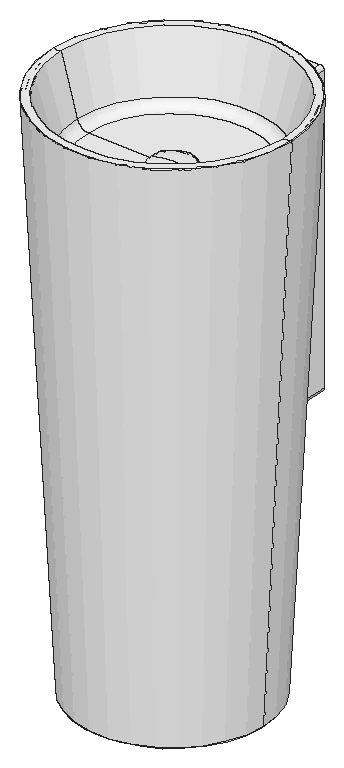
Revit family "Reece_Basin_Alape_Scopio_Freestanding Basin_400 mm", category Plumbing Fixtures, Revit 2018
Family settings
  Round Connector Dimension = Use Diameter
  Part Type = Normal
  Work Plane-Based = Yes
  Always vertical = Yes
  Cut with Voids When Loaded = Yes
  Shared = Yes
  Room Calculation Point = Yes
Parameters (values of type "8.7 L_Enamelled Glazed Steel_White")
  URL = "https://www.reece.com.au/product/-9508138"
  Type Comments = "Basin"
  Reece_Product_Web Page = "https://www.reece.com.au/product/-9508138"
  Reece_Product_Type = "Basin"  # constant formula
  Reece_Product_Sub Brand = "Scopio"  # constant formula
  Reece_Product_Number = "9508138"
  Reece_Product_Mount = "Wall Mounted"
  Reece_Product_Description = "Alape Scopio Freestanding Basin 400mm White (Wall Attached)"
  Reece_Product_Brand = "Alape"  # constant formula
  Reece_Overall_Width = 400 mm  # constant formula
  Reece_Overall_Length = 425 mm  # constant formula
  Reece_Overall_Height = 900 mm  # constant formula
  Reece_Overall_Capacity = 8.70 L  # constant formula
  Reece_Material_Main = Reece_Metal_Steel Enamelled_White
  Reece_Detail_Shape = ""
  Reece_Detail_Installation = "Freestanding Basin"  # constant formula
  Reece_Detail_Disclaimer = "THIS FILE IS THE PROPERTY OF THE REECE GROUP. IT MAY NOT BE REPRODUCED, REVERSE-ENGINEERED OR MODIFIED. ANY REPUBLICATION, TRANSMISSION OR DISTRIBUTION FOR THE PURPOSE OF COMMERCIALLY EXPLOITING THE FILES IS PROHIBITED."  # constant formula
  Reece_Detail_Connector = "No Taphole"  # constant formula
  Reece_Detail_Additional = "With Wall Connection"  # constant formula
  Reece_Basin_Outlet = 32 mm  # constant formula
  Model = "Scopio"
  Manufacturer = "Alape"
  Keynote = "Product #9508138, Reece_Basin_Alape_Scopio_Freestanding Basin_400 mm - 8.7 L_Enamelled Glazed Steel_White"
  Disclaimer = "THIS FILE IS THE PROPERTY OF THE REECE GROUP. IT MAY NOT BE REPRODUCED, REVERSE-ENGINEERED OR MODIFIED. ANY REPUBLICATION, TRANSMISSION OR DISTRIBUTION FOR THE PURPOSE OF COMMERCIALLY EXPLOITING THE FILES IS PROHIBITED."  # constant formula
  Description = "Alape Scopio Freestanding Basin 400mm White"
  Default Elevation = 0 mm
Reference planes
  plane 1 "Center (Front/Back)": y = 0
  plane 2 "Bottom Host Plane": z = 0
  plane 3 "Center (Left/Right)": x = 0
  plane 4: y = -212.5
  plane 5 "Top Host Plane": z = 900
  plane 6: y = -425
  plane 7: x = 200
  plane 8: x = -200
  plane 9: x = 187
  plane 10: x = -187
  plane 11: z = 788
  plane 12: x = -187
  plane 13: x = 187
  plane 14: x = -75
  plane 15: x = 75
  plane 16: z = 698
  plane 17: z = 411
Forms (mm)
  Revolve 1, solid, material "Reece_Metal_Steel Enamelled_White" <- "Reece_Material_Main"
    sketch origin (-0.001, -225, 5) x (1, 0, 0) y (0, 0, 1)
      loop
        line (-151.569, 0) -> (-124, 0)
        arc (-124, 0) -> (-122, 2) -> (-124, 4) r 2
        line (-124, 4) -> (-152.061, 4) -> (-151.569, 0)
      axis (0, 4) -> (0, 0)
    angle from 0 to 360
  Revolve 2, solid, material "Reece_Metal_Steel Enamelled_White" <- "Reece_Material_Main"
    sketch origin (0, -225, 800.572) x (1, 0, 0) y (0, 0, 1)
      loop
        line (0, -50.581) -> (0, -0.315)
        arc (0, -0.315) -> (-17.262, -1.109) -> (-34.312, -3.915) r 147.631
        arc (-34.312, -3.915) -> (-34.807, -4.224) -> (-35, -4.775) r 0.881
        line (-35, -4.775) -> (-35, -5.581) -> (-20, -5.581) -> (-20, -50.581) -> (0, -50.581)
      axis (0, -50.581) -> (0, -0.315)
    angle from 0 to 360
  Extrusion 3, void
    sketch origin (-0.001, -225, 9) x (-1, 0, 0) y (0, 1, 0)
      loop
        arc (27.098, 129.251) -> (33.017, 133.118) -> (29.15, 139.038) r 5
        arc (29.15, 139.038) -> (0, 142.061) -> (-29.15, 139.038) r 142.061
        arc (-29.15, 139.038) -> (-33.017, 133.118) -> (-27.098, 129.251) r 5
        arc (-27.098, 129.251) -> (0, 132.061) -> (27.098, 129.251) r 132.061
      loop
        arc (27.098, -129.251) -> (0, -132.061) -> (-27.098, -129.251) r 132.061
        arc (-27.098, -129.251) -> (-33.017, -133.118) -> (-29.15, -139.038) r 5
        arc (-29.15, -139.038) -> (0, -142.061) -> (29.15, -139.038) r 142.061
        arc (29.15, -139.038) -> (33.017, -133.118) -> (27.098, -129.251) r 5
      loop
        arc (-129.251, 27.098) -> (-133.118, 33.017) -> (-139.038, 29.15) r 5
        arc (-139.038, 29.15) -> (-142.061, 0) -> (-139.038, -29.15) r 142.061
        arc (-139.038, -29.15) -> (-133.118, -33.017) -> (-129.251, -27.098) r 5
        arc (-129.251, -27.098) -> (-132.061, 0) -> (-129.251, 27.098) r 132.061
      loop
        arc (129.251, 27.098) -> (132.061, 0) -> (129.251, -27.098) r 132.061
        arc (129.251, -27.098) -> (133.118, -33.017) -> (139.038, -29.15) r 5
        arc (139.038, -29.15) -> (142.061, 0) -> (139.038, 29.15) r 142.061
        arc (139.038, 29.15) -> (133.118, 33.017) -> (129.251, 27.098) r 5
      loop
        arc (-72.233, 110.555) -> (-70.782, 117.476) -> (-77.703, 118.927) r 5
        arc (-77.703, 118.927) -> (-100.452, 100.452) -> (-118.927, 77.703) r 142.061
        arc (-118.927, 77.703) -> (-117.476, 70.782) -> (-110.555, 72.233) r 5
        arc (-110.555, 72.233) -> (-93.381, 93.381) -> (-72.233, 110.555) r 132.061
      loop
        arc (110.555, -72.233) -> (93.381, -93.381) -> (72.233, -110.555) r 132.061
        arc (72.233, -110.555) -> (70.782, -117.476) -> (77.703, -118.927) r 5
        arc (77.703, -118.927) -> (100.452, -100.452) -> (118.927, -77.703) r 142.061
        arc (118.927, -77.703) -> (117.476, -70.782) -> (110.555, -72.233) r 5
      loop
        arc (-110.555, -72.233) -> (-117.476, -70.782) -> (-118.927, -77.703) r 5
        arc (-118.927, -77.703) -> (-100.452, -100.452) -> (-77.703, -118.927) r 142.061
        arc (-77.703, -118.927) -> (-70.782, -117.476) -> (-72.233, -110.555) r 5
        arc (-72.233, -110.555) -> (-93.381, -93.381) -> (-110.555, -72.233) r 132.061
      loop
        arc (72.233, 110.555) -> (93.381, 93.381) -> (110.555, 72.233) r 132.061
        arc (110.555, 72.233) -> (117.476, 70.782) -> (118.927, 77.703) r 5
        arc (118.927, 77.703) -> (100.452, 100.452) -> (77.703, 118.927) r 142.061
        arc (77.703, 118.927) -> (70.782, 117.476) -> (72.233, 110.555) r 5
    from 0 to 4
  Revolve 4, solid, material "Reece_Metal_Steel Enamelled_White" <- "Reece_Material_Main"
    sketch origin (-0.001, -225, 0) x (1, 0, 0) y (0, 0, 1)
      loop
        line (150.5, 3) -> (153.5, 3) -> (200.129, 899.474)
        arc (200.129, 899.474) -> (199.992, 899.844) -> (199.629, 900) r 0.5
        line (199.629, 900) -> (194.504, 900) -> (194.07, 898.498) -> (147.336, 0) -> (150.5, 0) -> (150.5, 3)
      axis (0, 900) -> (0, 0)
    angle from 0 to 360
  Extrusion 5, void
    sketch origin (4.999, 0, 872.366) x (0, 0, 1) y (-1, 0, 0)
      loop
        line (-1, -63.045) -> (-1, 73.045)
        arc (-1, 73.045) -> (-3.33, 78.67) -> (-8.955, 81) r 7.955
        line (-8.955, 81) -> (-487.045, 81)
        arc (-487.045, 81) -> (-492.67, 78.67) -> (-495, 73.045) r 7.955
        line (-495, 73.045) -> (-495, -63.045)
        arc (-495, -63.045) -> (-492.67, -68.67) -> (-487.045, -71) r 7.955
        line (-487.045, -71) -> (-8.955, -71)
        arc (-8.955, -71) -> (-3.33, -68.67) -> (-1, -63.045) r 7.955
    from 13.754 to 126.242
  Extrusion 6, solid, material "Reece_Metal_Steel Enamelled_White" <- "Reece_Material_Main"
    sketch origin (-0.001, -225, 552.366) x (1, 0, 0) y (0, 0, 1)
      loop
        line (-74.999, 308) -> (-72.999, 308) -> (-72.999, 311.045)
        arc (-72.999, 311.045) -> (-71.548, 314.549) -> (-68.045, 316) r 4.955
        line (-68.045, 316) -> (-68.045, 318)
        arc (-68.045, 318) -> (-72.962, 315.963) -> (-74.999, 311.045) r 6.955
        line (-74.999, 311.045) -> (-74.999, 308)
      loop
        line (75.001, 308) -> (75.001, 311.045)
        arc (75.001, 311.045) -> (72.964, 315.963) -> (68.046, 318) r 6.955
        line (68.046, 318) -> (68.046, 316)
        arc (68.046, 316) -> (71.55, 314.549) -> (73.001, 311.045) r 4.955
        line (73.001, 311.045) -> (73.001, 308) -> (75.001, 308)
    from -225 to -165.918
  Extrusion 7, solid, material "Reece_Metal_Steel Enamelled_White" <- "Reece_Material_Main"
    sketch origin (79.999, -225, 870.366) x (-1, 0, 0) y (0, -1, 0)
      loop
        line (148.106, -225) -> (148.106, -169.738)
        arc (148.106, -169.738) -> (80.03, -182.724) -> (11.954, -169.737) r 184.925
        line (11.954, -169.737) -> (11.954, -225) -> (148.106, -225)
    from -2 to 0
  Extrusion 8, solid, material "Reece_Metal_Steel Enamelled_White" <- "Reece_Material_Main"
    sketch origin (-0.001, 0, 552.366) x (1, 0, 0) y (0, 0, 1)
      loop
        line (73.001, 185.5) -> (-72.999, 185.5) -> (-72.999, 152.134) -> (-59.5, 152.134)
        arc (-59.5, 152.134) -> (-53, 145.634) -> (-59.5, 139.134) r 6.5
        line (-59.5, 139.134) -> (-72.999, 139.134) -> (-72.999, -134.866) -> (-59.5, -134.866)
        arc (-59.5, -134.866) -> (-53, -141.366) -> (-59.5, -147.866) r 6.5
        line (-59.5, -147.866) -> (-72.999, -147.866) -> (-72.999, -167.045)
        arc (-72.999, -167.045) -> (-71.548, -170.549) -> (-68.045, -172) r 4.955
        line (-68.045, -172) -> (68.046, -172)
        arc (68.046, -172) -> (71.55, -170.549) -> (73.001, -167.045) r 4.955
        line (73.001, -167.045) -> (73.001, -147.866) -> (59.5, -147.866)
        arc (59.5, -147.866) -> (53, -141.366) -> (59.5, -134.866) r 6.5
        line (59.5, -134.866) -> (73.001, -134.866) -> (73.001, 139.134) -> (59.5, 139.134)
        arc (59.5, 139.134) -> (53, 145.634) -> (59.5, 152.134) r 6.5
        line (59.5, 152.134) -> (73.001, 152.134) -> (73.001, 185.5)
      loop
        line (57.5, -125.866) -> (57.5, 130.634) -> (-57.5, 130.634) -> (-57.5, -125.866) -> (57.5, -125.866)
    from 0 to 2
  Extrusion 9, solid, material "Reece_Metal_Steel Enamelled_White" <- "Reece_Material_Main"
    sketch origin (-0.001, -225, 1075.366) x (1, 0, 0) y (0, 0, 1)
      loop
        line (-74.999, -687) -> (-74.999, -690.045)
        arc (-74.999, -690.045) -> (-72.962, -694.963) -> (-68.045, -697) r 6.955
        line (-68.045, -697) -> (-58.045, -697) -> (-58.045, -695) -> (-68.045, -695)
        arc (-68.045, -695) -> (-71.548, -693.549) -> (-72.999, -690.045) r 4.955
        line (-72.999, -690.045) -> (-72.999, -687) -> (-74.999, -687)
      loop
        line (75.001, -687) -> (73.001, -687) -> (73.001, -690.045)
        arc (73.001, -690.045) -> (71.55, -693.549) -> (68.046, -695) r 4.955
        line (68.046, -695) -> (58.046, -695) -> (58.046, -697) -> (68.046, -697)
        arc (68.046, -697) -> (72.964, -694.963) -> (75.001, -690.045) r 6.955
        line (75.001, -690.045) -> (75.001, -687)
    from -225 to -113.229
  Revolve 10, solid, material "Reece_Metal_Steel Enamelled_White" <- "Reece_Material_Main"
    sketch origin (0, -225, 550.366) x (1, 0, 0) y (0, 0, 1)
      loop
        line (194.503, 349.634) -> (187, 349.634) -> (160.404, 256.884)
        arc (160.404, 256.884) -> (153.215, 246.424) -> (141.179, 242.397) r 20
        line (141.179, 242.397) -> (33.653, 242.397)
        arc (33.653, 242.397) -> (31.489, 242.16) -> (29.427, 241.46) r 10
        line (29.427, 241.46) -> (22.723, 238.334)
        arc (22.723, 238.334) -> (21.711, 237.928) -> (20.661, 237.634) r 10
        line (20.661, 237.634) -> (20.661, 230.535)
        arc (20.661, 230.535) -> (23.228, 231.069) -> (25.682, 231.99) r 17
        line (25.682, 231.99) -> (32.386, 235.116)
        arc (32.386, 235.116) -> (33.004, 235.326) -> (33.653, 235.397) r 3
        line (33.653, 235.397) -> (141.179, 235.397)
        arc (141.179, 235.397) -> (157.371, 240.791) -> (167.093, 254.817) r 27
        line (167.093, 254.817) -> (194.503, 348.524) -> (194.503, 349.634)
      axis (0, 349.634) -> (0, 230.535)
    angle from 0 to 360
  Extrusion 11, solid, material "Reece_Metal_Steel Enamelled_White" <- "Reece_Material_Main"
    sketch origin (-3, -25, 872.366) x (0, 1, 0) y (0, 0, -1)
      loop
        line (-34.082, 12) -> (25, 12) -> (25, 484) -> (-86.692, 484) -> (-34.082, 12)
    from 70 to 72
  Extrusion 12, solid, material "Reece_Metal_Steel Enamelled_White" <- "Reece_Material_Main"
    sketch origin (3, -25, 872.366) x (0, 1, 0) y (0, 0, 1)
      loop
        line (-34.082, -12) -> (-86.692, -484) -> (25, -484) -> (25, -12) -> (-34.082, -12)
    from 70 to 72
  Sweep 13, solid, material "Reece_Metal_Steel Enamelled_White" <- "Reece_Material_Main"
    path in 3D
      loop
        line (-73, 0, 737.866) -> (73, 0, 737.866)
    profile origin (0, 0, 737.866) x (0, 1, 0) y (0, 0, 1)
      loop
        line (-2, 1) -> (-2, 0) -> (0, 0) -> (0, 1)
        arc (0, 1) -> (-1.025, 3.475) -> (-3.5, 4.5) r 3.5
        line (-3.5, 4.5) -> (-3.5, 2.5)
        arc (-3.5, 2.5) -> (-2.439, 2.061) -> (-2, 1) r 1.5
  Extrusion 14, solid, material "Reece_Metal_Steel Enamelled_White" <- "Reece_Material_Main"
    sketch origin (-78.001, -10, 742.366) x (1, 0, 0) y (0, 1, 0)
      loop
        line (100.5, -4) -> (55.5, -4)
        arc (55.5, -4) -> (48.429, -6.929) -> (45.5, -14) r 10
        line (45.5, -14) -> (45.5, -59)
        arc (45.5, -59) -> (48.429, -66.071) -> (55.5, -69) r 10
        line (55.5, -69) -> (100.5, -69)
        arc (100.5, -69) -> (107.571, -66.071) -> (110.5, -59) r 10
        line (110.5, -59) -> (110.5, -14)
        arc (110.5, -14) -> (107.571, -6.929) -> (100.5, -4) r 10
      loop
        line (151.001, -334) -> (151.001, 6.5) -> (5.001, 6.5) -> (5.001, -334) -> (151.001, -334)
      loop
        arc (93, -230) -> (78, -185) -> (63, -230) r 25
        line (63, -230) -> (63, -275)
        arc (63, -275) -> (78, -290) -> (93, -275) r 15
        line (93, -275) -> (93, -230)
      loop
        line (30.5, -9.5) -> (28.5, -9.5) -> (28.5, -19.5) -> (30.5, -19.5) -> (30.5, -9.5)
      loop
        line (125.5, -9.5) -> (125.5, -19.5) -> (127.5, -19.5) -> (127.5, -9.5) -> (125.5, -9.5)
      loop
        line (83, 2.575) -> (83, 4.575) -> (73, 4.575) -> (73, 2.575) -> (83, 2.575)
    from 0 to -2
Cuts and joins
  Extrusion 3 cuts Revolve 1
  Extrusion 5 cuts Revolve 4
  joined: Revolve 4, Extrusion 6, Extrusion 7, Extrusion 8, Extrusion 9, Revolve 10, Extrusion 11, Extrusion 12, Sweep 13, Extrusion 14
Lines and regions (mm)
  sketch lines
    curve 1: line (-73, 0, 737.866) -> (73, 0, 737.866)
Text (mm)
  text "Reece ©" at (2750.254, -2396.412, 2870.147), in view "Reece Preview"
  text "Reece Copyright © 2018, Reece Ltd." at (-272.546, -589.279, 0), in view "Ref. Level"
Dimensions and locks
  "Reece_Overall_Height": plane 5 "Top Host Plane" to level
  equal spacing: plane 1 "Center (Front/Back)", plane 4, plane 6
  "Reece_Overall_Length": plane 1 "Center (Front/Back)" to plane 6
  equal spacing: plane 8, plane 3 "Center (Left/Right)", plane 7
  "Reece_Overall_Width": plane 8 to plane 7
  Revolve 10 sketch curve to plane 11 = 112 mm
  plane 12 to plane 13 = 374 mm
  Extrusion 11 to Extrusion 12 = 150 mm
  plane 16 to level = 698 mm
  plane 16 to plane 17 = 287 mm
  plane 15 to plane 14 = 150 mm
  plane 11 to plane 5 "Top Host Plane" = 112 mm
Automatic sketch dimensions
  level to Revolve 1 sketch curve = 9 mm
  Revolve 1 sketch curve to Revolve 1 sketch curve = 0.491 mm
  level to Revolve 1 sketch curve = 5 mm  (x2)
  Revolve 1 sketch curve to Revolve 1 sketch curve = 27.569 mm
  Revolve 1 sketch curve to plane 3 "Center (Left/Right)" = 0.001 mm
  Revolve 1 sketch curve to Revolve 1 sketch curve = 21.397 mm
  Extrusion 3 sketch curve to Extrusion 3 sketch curve = 28.124 mm  (x2)
  Extrusion 3 sketch curve to Extrusion 3 sketch curve = 46.844 mm  (x4)
  Extrusion 3 sketch curve to Extrusion 3 sketch curve = 39.773 mm  (x4)
  Extrusion 3 sketch curve to Extrusion 3 sketch curve = 19.403 mm  (x4)
  Extrusion 3 sketch curve to Extrusion 3 sketch curve = 56.248 mm  (x2)
  Extrusion 3 sketch curve to Revolve 1 = 28.124 mm  (x2)
  Extrusion 3 sketch curve to Extrusion 3 sketch curve = 47.87 mm  (x4)
  Extrusion 3 sketch curve to Extrusion 3 sketch curve = 42.508 mm  (x4)
  Extrusion 3 sketch curve to Extrusion 3 sketch curve = 23.589 mm  (x4)
  Revolve 1 to Extrusion 3 sketch curve = 28.124 mm  (x2)
  Extrusion 3 sketch curve to Extrusion 3 sketch curve = 0 mm  (x16)
  plane 3 "Center (Left/Right)" to Extrusion 5 sketch curve = 68.045 mm
  level to Extrusion 5 sketch curve = 377.366 mm
  Extrusion 5 sketch curve to Extrusion 5 sketch curve = 7.955 mm  (x3)
  plane 5 "Top Host Plane" to Extrusion 5 sketch curve = 36.589 mm  (x2)
  Extrusion 5 sketch curve to plane 3 "Center (Left/Right)" = 68.046 mm
  Extrusion 6 sketch curve to Extrusion 6 sketch curve = 0 mm  (x4)
  Extrusion 6 sketch curve to plane 3 "Center (Left/Right)" = 75 mm
  Extrusion 6 sketch curve to Extrusion 6 sketch curve = 2 mm  (x2)
  Extrusion 6 sketch curve to Extrusion 6 sketch curve = 4.955 mm  (x2)
  plane 3 "Center (Left/Right)" to Extrusion 6 sketch curve = 68.045 mm
  plane 5 "Top Host Plane" to Extrusion 6 sketch curve = 39.634 mm  (x2)
  Extrusion 6 sketch curve to Extrusion 6 sketch curve = 3.045 mm  (x2)
  plane 1 "Center (Front/Back)" to Extrusion 7 sketch curve = 0 mm
  plane 3 "Center (Left/Right)" to Extrusion 7 sketch curve = 68.045 mm
  Extrusion 7 sketch curve to plane 3 "Center (Left/Right)" = 0.033 mm
  Extrusion 7 sketch curve to plane 3 "Center (Left/Right)" = 68.107 mm
  Extrusion 7 sketch curve to Extrusion 7 sketch curve = 55.263 mm
  plane 4 to Extrusion 7 sketch curve = 14.701 mm
  Extrusion 9 sketch curve to Extrusion 9 sketch curve = 0 mm  (x5)
  Extrusion 9 sketch curve to plane 3 "Center (Left/Right)" = 75 mm
  Extrusion 9 sketch curve to Extrusion 9 sketch curve = 2 mm  (x2)
  Extrusion 9 sketch curve to Extrusion 9 sketch curve = 4.955 mm  (x2)
  Extrusion 9 sketch curve to Extrusion 9 sketch curve = 10 mm  (x2)
  plane 3 "Center (Left/Right)" to Extrusion 9 sketch curve = 58.045 mm
  level to Extrusion 9 sketch curve = 378.366 mm
  Extrusion 9 sketch curve to Extrusion 9 sketch curve = 3.045 mm  (x2)
  Extrusion 11 sketch curve to plane 4 = 100.808 mm
  plane 1 "Center (Front/Back)" to Extrusion 11 sketch curve = 59.082 mm
  plane 1 "Center (Front/Back)" to Extrusion 11 sketch curve = 0 mm
  plane 5 "Top Host Plane" to Extrusion 11 sketch curve = 39.634 mm
  level to Extrusion 11 sketch curve = 388.366 mm
  Extrusion 12 sketch curve to plane 4 = 100.808 mm
  plane 1 "Center (Front/Back)" to Extrusion 12 sketch curve = 59.082 mm
  plane 1 "Center (Front/Back)" to Extrusion 12 sketch curve = 0 mm
  level to Extrusion 12 sketch curve = 388.366 mm
  plane 5 "Top Host Plane" to Extrusion 12 sketch curve = 39.634 mm
  Sweep 13 sketch curve to Sweep 13 sketch curve = 0 mm  (x2)
  Sweep 13 sketch curve to profile plane = 0 mm  (x2)
  profile plane to Sweep 13 sketch curve = 1 mm
  Sweep 13 sketch curve to Sweep 13 sketch curve = 2 mm
  Sweep 13 sketch curve to Sweep 13 sketch curve = 1.5 mm
  plane 1 "Center (Front/Back)" to Extrusion 14 sketch curve = 3.5 mm
  Extrusion 14 sketch curve to plane 3 "Center (Left/Right)" = 73 mm
  Extrusion 14 sketch curve to Extrusion 14 sketch curve = 23.499 mm
  Extrusion 14 sketch curve to Extrusion 14 sketch curve = 2 mm  (x3)
  Extrusion 14 sketch curve to plane 3 "Center (Left/Right)" = 32.501 mm
  Extrusion 14 sketch curve to Extrusion 14 sketch curve = 10 mm  (x5)
  Extrusion 14 sketch curve to plane 3 "Center (Left/Right)" = 15.001 mm
  Extrusion 14 sketch curve to plane 3 "Center (Left/Right)" = 5.001 mm
  Extrusion 14 sketch curve to plane 3 "Center (Left/Right)" = 0.001 mm  (x2)
  plane 3 "Center (Left/Right)" to Extrusion 14 sketch curve = 4.999 mm
  plane 3 "Center (Left/Right)" to Extrusion 14 sketch curve = 22.499 mm  (x2)
  Extrusion 14 sketch curve to Extrusion 14 sketch curve = 15 mm
  Extrusion 14 sketch curve to Extrusion 14 sketch curve = 23.501 mm
  plane 1 "Center (Front/Back)" to Extrusion 14 sketch curve = 5.425 mm
  Extrusion 14 sketch curve to Extrusion 14 sketch curve = 6.575 mm
  Extrusion 14 sketch curve to Extrusion 14 sketch curve = 4.5 mm  (x2)
  Extrusion 14 sketch curve to Extrusion 14 sketch curve = 39.5 mm
  plane 4 to Extrusion 14 sketch curve = 7.5 mm
  Extrusion 14 sketch curve to Extrusion 14 sketch curve = 20 mm
  Extrusion 14 sketch curve to Extrusion 14 sketch curve = 45 mm
  Extrusion 14 sketch curve to Extrusion 14 sketch curve = 59 mm
  Revolve 1 sketch curve to plane 3 "Center (Left/Right)" = 124.001 mm
  Extrusion 8 sketch curve to plane 16 = 0 mm  (x2)
  plane 14 to Extrusion 8 sketch curve = 2 mm  (x3)
  Extrusion 8 sketch curve to Extrusion 8 sketch curve = 4.955 mm
  Extrusion 8 sketch curve to Extrusion 8 sketch curve = 13.499 mm  (x2)
  Extrusion 8 sketch curve to Extrusion 8 sketch curve = 2 mm
  plane 15 to Extrusion 8 sketch curve = 17.501 mm
  plane 16 to Extrusion 8 sketch curve = 6.5 mm
  plane 15 to Extrusion 8 sketch curve = 15.501 mm  (x2)
  plane 15 to Extrusion 8 sketch curve = 6.955 mm
  plane 15 to Extrusion 8 sketch curve = 2 mm  (x3)
  Extrusion 8 sketch curve to Extrusion 8 sketch curve = 8.5 mm
  Extrusion 8 sketch curve to Extrusion 8 sketch curve = 256.5 mm
  Extrusion 8 sketch curve to Extrusion 8 sketch curve = 9 mm  (x2)
  Extrusion 8 sketch curve to Extrusion 8 sketch curve = 6.5 mm  (x2)
  Extrusion 8 sketch curve to Extrusion 8 sketch curve = 19.18 mm
  Extrusion 8 sketch curve to plane 16 = 6.5 mm
  Extrusion 8 sketch curve to Extrusion 8 sketch curve = 33.366 mm
  Revolve 4 sketch curve to level = 0 mm  (x2)
  Revolve 4 sketch curve to plane 5 "Top Host Plane" = 0 mm
  Revolve 4 sketch curve to plane 13 = 39.665 mm
  Revolve 4 sketch curve to Revolve 4 sketch curve = 3.164 mm
  level to Revolve 4 sketch curve = 3 mm
  Revolve 4 sketch curve to Revolve 4 sketch curve = 3 mm
  plane 5 "Top Host Plane" to Revolve 4 sketch curve = 1.502 mm
  Revolve 4 sketch curve to plane 7 = 5.931 mm
  Revolve 4 sketch curve to Revolve 4 sketch curve = 0.434 mm
  Revolve 4 sketch curve to plane 7 = 0.372 mm
  plane 5 "Top Host Plane" to Revolve 4 sketch curve = 0.5 mm
  Revolve 4 sketch curve to plane 3 "Center (Left/Right)" = 0.001 mm
  plane 7 to Revolve 4 sketch curve = 0.128 mm
  level to Revolve 4 sketch curve = 21.397 mm
  Revolve 10 sketch curve to Revolve 10 sketch curve = 0 mm  (x6)
  Revolve 10 sketch curve to plane 3 "Center (Left/Right)" = 0 mm
  Revolve 10 sketch curve to plane 11 = 0 mm
  Revolve 10 sketch curve to plane 9 = 0 mm
  plane 3 "Center (Left/Right)" to Revolve 10 sketch curve = 18.497 mm
  Revolve 10 sketch curve to Revolve 10 sketch curve = 2.164 mm
  plane 11 to Revolve 10 sketch curve = 0.7 mm
  Revolve 10 sketch curve to Revolve 10 sketch curve = 2.062 mm
  Revolve 10 sketch curve to plane 11 = 5.644 mm
  Revolve 10 sketch curve to Revolve 10 sketch curve = 5.02 mm
  plane 11 to Revolve 10 sketch curve = 3.826 mm
  Revolve 10 sketch curve to Revolve 10 sketch curve = 6.704 mm
  Revolve 10 sketch curve to plane 11 = 2.518 mm
  Revolve 10 sketch curve to Revolve 10 sketch curve = 2.958 mm
  Revolve 10 sketch curve to Revolve 10 sketch curve = 1.268 mm
  Revolve 10 sketch curve to plane 9 = 45.821 mm
  plane 11 to Revolve 10 sketch curve = 19.25 mm
  Revolve 10 sketch curve to Revolve 10 sketch curve = 19.225 mm
  Revolve 10 sketch curve to plane 7 = 5.497 mm
  Revolve 10 sketch curve to Revolve 10 sketch curve = 2.719 mm
  Revolve 10 sketch curve to Revolve 10 sketch curve = 6.689 mm
  plane 5 "Top Host Plane" to Revolve 10 sketch curve = 1.11 mm
  Revolve 10 sketch curve to plane 16 = 126.238 mm
  Revolve 10 sketch curve to Revolve 10 sketch curve = 21.397 mm
  Revolve 2 sketch curve to plane 3 "Center (Left/Right)" = 0 mm  (x2)
  Revolve 2 sketch curve to plane 3 "Center (Left/Right)" = 1.858 mm
  plane 11 to Revolve 2 sketch curve = 6.991 mm
  Revolve 2 sketch curve to plane 3 "Center (Left/Right)" = 20 mm
  Revolve 2 sketch curve to Revolve 2 sketch curve = 14.119 mm
  Revolve 2 sketch curve to Revolve 2 sketch curve = 0.881 mm
  Revolve 2 sketch curve to plane 11 = 38.009 mm
  Revolve 2 sketch curve to plane 16 = 45.363 mm
  Revolve 2 sketch curve to Revolve 2 sketch curve = 0.806 mm
  plane 11 to Revolve 2 sketch curve = 12.257 mm
  Revolve 2 sketch curve to plane 11 = 4.881 mm
  Revolve 2 sketch curve to Revolve 2 sketch curve = 2.138 mm
  radius of Revolve 1 to Extrusion 3 sketch curve = 8.061 mm  (x8)
  radius of Extrusion 3 sketch curve to Revolve 1 = 10 mm  (x8)
Connectors
  piping at (0, -225, 749.991), diameter 32, driven by "Reece_Basin_Outlet"
    settings: on Revolve 2, index 2, connector inside diameter 609.6 mm, connector length 0 mm, flow factor 0, pipe flow 0.0 L/s, pressure drop 0.0 Pa, fitting loss kfactor 0, connector angle 0.00°, fixture units 0, engagement length 0 mm, angle of deflection 0.00°, flow configuration 0, flow direction 2, fitting loss method 0, system type 16, joint type 0, gender type 0, connector reference index -1, connector utility 0, adjustable connector no, is connector primary yes, connector description ""
